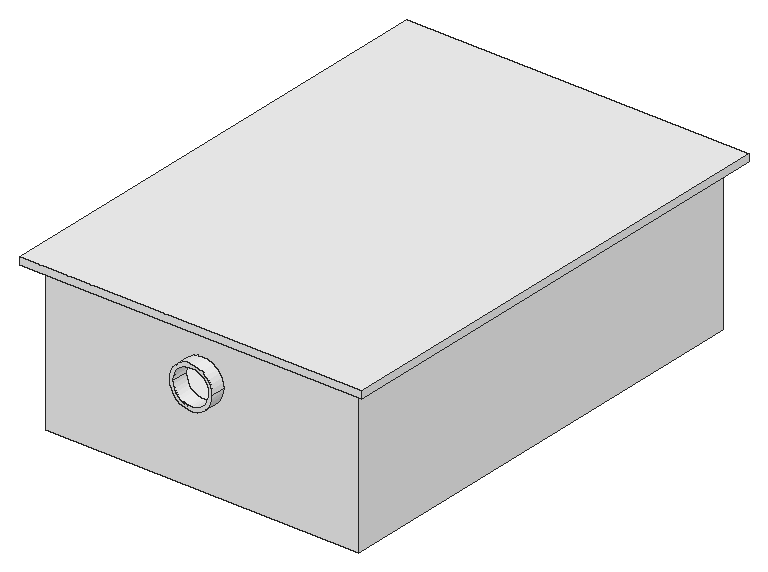
Revit family "Plumbing Fixture-Grease_Interseptor_Mifab_MI-G-L", category Plumbing Fixtures, host Face, Revit 2013
Parameters (values of type "MI-G-L-20")
  Water Capacity = "16.76 Gallons"
  WFU = 0
  URL = "www.mifab.com"
  Standard Inlet And Outlet Radii = F / 2  # 1.500"
  Model = "MI-G-L-20"
  Manufacturer = "MIFAB"
  Interceptor Material = Acid Resistant Epoxy Coated Green
  Grease Capacity = "40 lbs"
  Flow Rate = "20 GPM"
  F = 3.000"
  E = 11.000"
  Description = "Low Rough In P.D.I Certified 4 to 50 GPM Grease Interceptor"
  Default Elevation = 0.000"
  D = 7.000"
  C = 4.000"
  B = 24.000"
  A = 34.000"
Types (4): name | Water Capacity | Model | Grease Capacity | Flow Rate | B | A
  (no name) | "16.76 Gallons" | "MI-G-L-20" | "40 lbs" | "20 GPM" | 24.000" | 34.000"
  MI-G-L-20 | "16.76 Gallons" | "MI-G-L-20" | "40 lbs" | "20 GPM" | 24.000" | 34.000"
  MI-G-L-35 | "24.76 Gallons" | "MI-G-L-35" | "70 lbs" | "35 GPM" | 28.000" | 42.000"
  MI-G-L-50 | "29.33 Gallons" | "MI-G-L-50" | "100 lbs" | "50 GPM" | 30.000" | 46.000"
Reference planes (in)
  plane 1 "Center (Front/Back)": y = 0
  plane 2: z = 0
  plane 3 "Center (Left/Right)": x = 0
  plane 4: x = -12
  plane 5: y = -17
  plane 6: y = 17
  plane 7: x = 12
  plane 8: z = -4
  plane 9: z = -11
  plane 10: z = -11
  plane 11: z = -0.1345
  plane 12: z = -10.8655
Forms (in)
  Extrusion 1, solid, material "Acid Resistant Epoxy Coated Green" <- "Interceptor Material"
    sketch origin (0, 0, 0) x (1, 0, 0) y (0, 1, 0)
      loop
        line (-12, 17) -> (-12, -17) -> (12, -17) -> (12, 17) -> (-12, 17)
    from 0 to -0.5
  Extrusion 2, solid, material "Acid Resistant Epoxy Coated Green" <- "Interceptor Material"
    sketch origin (0, 0, 0) x (1, 0, 0) y (0, 1, 0)
      loop
        line (-11, 16) -> (-11, -16) -> (11, -16) -> (11, 16) -> (-11, 16)
    from 0 to -11
  Extrusion 3, solid, material "Acid Resistant Epoxy Coated Green" <- "Interceptor Material"
    sketch origin (0, 0, 0) x (1, 0, 0) y (0, 0, 1)
      loop
        circle (0, -4) r 1.5
    from -17 to 17
  Extrusion 4, void
    sketch origin (0, 0, 0) x (1, 0, 0) y (0, 0, 1)
      loop
        circle (0, -4) r 1.25
    from -17 to 17
  Extrusion 5, void
    sketch origin (0, 0, 0) x (1, 0, 0) y (0, 1, 0)
      loop
        line (-10.8655, 15.8655) -> (-10.8655, -15.8655) -> (10.8655, -15.8655) -> (10.8655, 15.8655) -> (-10.8655, 15.8655)
    from -0.1345 to -10.8655
Cuts and joins
  Extrusion 4, Extrusion 5 cuts Extrusion 1
  Extrusion 4, Extrusion 5 cuts Extrusion 2
  Extrusion 4, Extrusion 5 cuts Extrusion 3
  joined: Extrusion 1, Extrusion 2, Extrusion 3
Lines and regions (in)
  symbolic lines, style "PlumbingFixtures"
    curve 1: line (-12, 17, 0) -> (12, 17, 0)
    curve 2: line (-12, -17, 0) -> (-12, 17, 0)
    curve 3: line (12, -17, 0) -> (-12, -17, 0)
    curve 4: line (12, 17, 0) -> (12, -17, 0)
Dimensions and locks (in)
  equal spacing: plane 4, plane 3 "Center (Left/Right)", plane 7
  equal spacing: plane 6, plane 1 "Center (Front/Back)", plane 5
  "B": plane 4 to plane 7
  "A": plane 6 to plane 5
  "C": host face to plane 8
  "D": plane 8 to plane 9
  "E": host face to plane 10
  equal spacing: Extrusion 2 sketch curve, plane 3 "Center (Left/Right)", Extrusion 2 sketch curve
  equal spacing: Extrusion 2 sketch curve, plane 1 "Center (Front/Back)", Extrusion 2 sketch curve
  Extrusion 2 sketch curve to plane 6 = 1.000"
  plane 4 to Extrusion 2 sketch curve = 1.000"
  equal spacing: Extrusion 5 sketch curve, plane 3 "Center (Left/Right)", Extrusion 5 sketch curve
  equal spacing: Extrusion 5 sketch curve, plane 1 "Center (Front/Back)", Extrusion 5 sketch curve
  plane 4 to Extrusion 5 sketch curve = 1.1345"
  Extrusion 5 sketch curve to plane 6 = 1.1345"
  locked: plane 12 to plane 10 at 0.1345
  locked: host face to plane 11 at 0.1345
  "F": diameter of Extrusion 3 sketch curve
  locked: Extrusion 4 sketch curve to Extrusion 4 sketch curve (diameter 2.500")
  aligned and locked: plane 2 to host face
  aligned and locked: level to host face
  aligned and locked: Extrusion 1 sketch curve to plane 6
  aligned and locked: plane 4 to Extrusion 1 sketch curve
  aligned and locked: plane 5 to Extrusion 1 sketch curve
  aligned and locked: Extrusion 1 sketch curve to plane 7
  aligned and locked: Extrusion 2 to plane 9
  aligned and locked: Extrusion 3 to plane 5
  aligned and locked: plane 6 to Extrusion 3
  aligned and locked: plane 6 to Extrusion 4
  aligned and locked: Extrusion 4 to plane 5
  aligned and locked: Extrusion 3 to cut or joined group of Extrusion 1, Extrusion 2, Extrusion 3, Extrusion 4, Extrusion 5
  aligned and locked: plane 11 to Extrusion 5
  aligned and locked: Extrusion 5 to plane 12
  aligned and locked: curve 1 to plane 6
  aligned and locked: plane 4 to curve 2
  aligned and locked: plane 5 to curve 3
  aligned and locked: curve 4 to plane 7
Automatic sketch dimensions
  host sketch curve to host sketch curve = 96.000"  (x2)
  Extrusion 3 sketch curve to plane 3 "Center (Left/Right)" = 0.000"
  Extrusion 3 sketch curve to plane 8 = 0.000"
  Extrusion 4 sketch curve to plane 3 "Center (Left/Right)" = 0.000"
  Extrusion 4 sketch curve to plane 8 = 0.000"
Connectors (in)
  piping at (0, 17, -4), driven by "Standard Inlet And Outlet Radii"
    settings: on cut or joined group of Extrusion 1, Extrusion 2, Extrusion 3, Extrusion 4, Extrusion 5, index 1, connector radius 1 1/2", flow factor 0, pipe flow 0 GPM, pressure drop 0.00 psi, fitting loss kfactor 0, connector angle 0.00°, fixture units 0, engagement length 0.000", flow configuration 0, flow direction 0, fitting loss method 0, system type 7, joint type 0, gender type 0, connector reference index -1, connector utility 0, adjustable connector no, is connector primary yes, fitting loss table "", connector description ""
  piping at (0, -17, -4), driven by "Standard Inlet And Outlet Radii"
    settings: on cut or joined group of Extrusion 1, Extrusion 2, Extrusion 3, Extrusion 4, Extrusion 5, index 2, connector radius 1 1/2", flow factor 0, pipe flow 0 GPM, pressure drop 0.00 psi, fitting loss kfactor 0, connector angle 0.00°, fixture units 0, engagement length 0.000", flow configuration 0, flow direction 2, fitting loss method 0, system type 16, joint type 0, gender type 0, connector reference index -1, connector utility 0, adjustable connector no, is connector primary no, fitting loss table "", connector description "Out"
